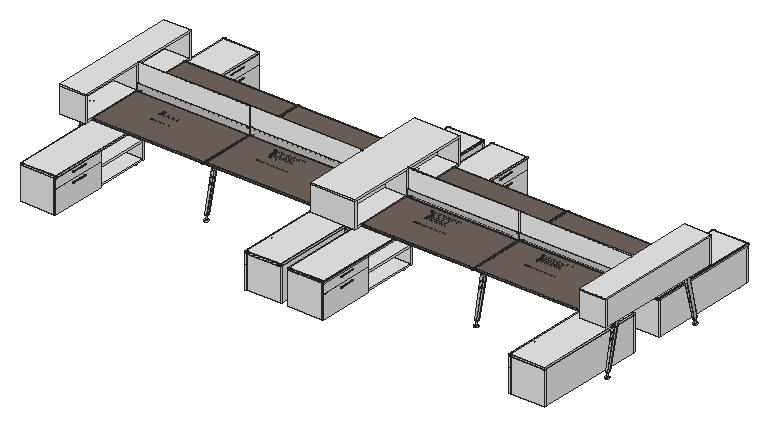
Revit family "T200005", category Furniture, Revit 2015 (continued)
Definition of nested family "OFS_ELEVEN-WORKSPACE_BASES_BENCHING_8-PERSON"
  Forms (in)
    Extrusion 12, solid
      sketch origin (-46.04, 25, 0) x (1, 0, 0) y (0, 0, 1)
        loop
          line (-48.85595, 27.75) -> (-48.83766, 27.40137) -> (-48.72865, 27.40137) -> (-48.66373, 27.51378) -> (-48.58161, 27.51378) -> (-48.5134, 27.40137) -> (-48.5134, 26.14638) -> (-48.58161, 26.02826) -> (-48.66373, 26.02826) -> (-48.73194, 26.14067) -> (-48.83766, 26.14067) -> (-48.85595, 25.79204) -> (-47.14405, 25.79204) -> (-47.16234, 26.14067) -> (-47.26806, 26.14067) -> (-47.33627, 26.02826) -> (-47.41839, 26.02826) -> (-47.4866, 26.14638) -> (-47.4866, 27.40137) -> (-47.41839, 27.51378) -> (-47.33627, 27.51378) -> (-47.27135, 27.40137) -> (-47.16234, 27.40137) -> (-47.14405, 27.75) -> (-48.85595, 27.75)
      from 13.035 to 9.175
    Extrusion 13, solid, visible <- "NO STRG"
      sketch origin (0, 0, 27.75) x (0, 1, 0) y (-1, 0, 0)
        loop
          arc (0.59, 0.545) -> (0.50799, 0.74299) -> (0.31, 0.825) r 0.28
          line (0.31, 0.825) -> (-0.31, 0.825)
          arc (-0.31, 0.825) -> (-0.50799, 0.74299) -> (-0.59, 0.545) r 0.28
          line (-0.59, 0.545) -> (-0.59, -0.545)
          arc (-0.59, -0.545) -> (-0.50799, -0.74299) -> (-0.31, -0.825) r 0.28
          line (-0.31, -0.825) -> (0.31, -0.825)
          arc (0.31, -0.825) -> (0.50799, -0.74299) -> (0.59, -0.545) r 0.28
          line (0.59, -0.545) -> (0.59, 0.545)
      from 0.20214 to 0
    Extrusion 14, solid
      sketch origin (0, 0, 0) x (0, -1, 0) y (0, 0, 1)
        loop
          line (-15.32549, 25.79204) -> (-14.82888, 25.79204) -> (-14.81062, 26.14068) -> (-14.70161, 26.14068) -> (-14.6367, 26.02826) -> (-14.55456, 26.02826) -> (-14.486, 26.14068) -> (-14.486, 27.39504) -> (-14.55456, 27.51378) -> (-14.63287, 27.51378) -> (-14.7049, 27.39567) -> (-14.81032, 27.39567) -> (-14.82888, 27.75) -> (-15.32549, 27.75) -> (-15.34405, 27.39567) -> (-15.44948, 27.39567) -> (-15.52151, 27.51378) -> (-15.59982, 27.51378) -> (-15.668, 27.39569) -> (-15.668, 26.14006) -> (-15.59982, 26.02826) -> (-15.51767, 26.02826) -> (-15.45276, 26.14068) -> (-15.34375, 26.14068) -> (-15.32549, 25.79204)
      from -93.05414 to -48.98586
    Extrusion 15, solid
      sketch origin (0, 0, 0) x (0, -1, 0) y (0, 0, -1)
        loop
          line (-15.32549, -25.79204) -> (-15.34375, -26.14068) -> (-15.45276, -26.14068) -> (-15.51767, -26.02826) -> (-15.59982, -26.02826) -> (-15.668, -26.14006) -> (-15.668, -27.39569) -> (-15.59982, -27.51378) -> (-15.52151, -27.51378) -> (-15.44948, -27.39567) -> (-15.34405, -27.39567) -> (-15.32549, -27.75) -> (-14.82888, -27.75) -> (-14.81032, -27.39567) -> (-14.7049, -27.39567) -> (-14.63287, -27.51378) -> (-14.55456, -27.51378) -> (-14.486, -27.39504) -> (-14.486, -26.14068) -> (-14.55456, -26.02826) -> (-14.6367, -26.02826) -> (-14.70161, -26.14068) -> (-14.81062, -26.14068) -> (-14.82888, -25.79204) -> (-15.32549, -25.79204)
      from -93.05414 to -48.98586
    Extrusion 16, solid, visible <- "NO STRG"
      sketch origin (-0.355, -0.245, 28.04803) x (0, 1, 0) y (-1, 0, 0)
        loop
          arc (0.59, 0.545) -> (0.50799, 0.74299) -> (0.31, 0.825) r 0.28
          line (0.31, 0.825) -> (0.18, 0.825)
          arc (0.18, 0.825) -> (-0.01799, 0.74299) -> (-0.1, 0.545) r 0.28
          line (-0.1, 0.545) -> (-0.1, -1.25839)
          arc (-0.1, -1.25839) -> (-0.01799, -1.45638) -> (0.18, -1.53839) r 0.28
          line (0.18, -1.53839) -> (0.31, -1.53839)
          arc (0.31, -1.53839) -> (0.50799, -1.45638) -> (0.59, -1.25839) r 0.28
          line (0.59, -1.25839) -> (0.59, 0.545)
      from 0.19939 to 0.00254
    Extrusion 17, solid
      sketch origin (0, 0, 0) x (1, 0, 0) y (0, 0, 1)
        loop
          line (-87.01414, 27.75) -> (-87.14405, 27.75) -> (-87.16234, 27.40137) -> (-87.27135, 27.40137) -> (-87.33627, 27.51378) -> (-87.41839, 27.51378) -> (-87.4866, 27.40137) -> (-87.4866, 26.14638) -> (-87.41839, 26.02826) -> (-87.33627, 26.02826) -> (-87.26806, 26.14067) -> (-87.16234, 26.14067) -> (-87.14405, 25.79204) -> (-87.01414, 25.79204) -> (-87.01414, 27.75)
        loop
          line (-88.98586, 27.75) -> (-88.98586, 25.79204) -> (-88.85595, 25.79204) -> (-88.83766, 26.14067) -> (-88.73194, 26.14067) -> (-88.66373, 26.02826) -> (-88.58161, 26.02826) -> (-88.5134, 26.14638) -> (-88.5134, 27.40137) -> (-88.58161, 27.51378) -> (-88.66373, 27.51378) -> (-88.72865, 27.40137) -> (-88.83766, 27.40137) -> (-88.85595, 27.75) -> (-88.98586, 27.75)
      from 14.486 to -14.486
    Extrusion 18, solid
      sketch origin (-40, -25, 0) x (1, 0, 0) y (0, 0, -1)
        loop
          line (-48.85595, -27.75) -> (-47.14405, -27.75) -> (-47.16234, -27.40137) -> (-47.27135, -27.40137) -> (-47.33627, -27.51378) -> (-47.41839, -27.51378) -> (-47.4866, -27.40137) -> (-47.4866, -26.14638) -> (-47.41839, -26.02826) -> (-47.33627, -26.02826) -> (-47.26806, -26.14067) -> (-47.16234, -26.14067) -> (-47.14405, -25.79204) -> (-48.85595, -25.79204) -> (-48.83766, -26.14067) -> (-48.73194, -26.14067) -> (-48.66373, -26.02826) -> (-48.58161, -26.02826) -> (-48.5134, -26.14638) -> (-48.5134, -27.40137) -> (-48.58161, -27.51378) -> (-48.66373, -27.51378) -> (-48.72865, -27.40137) -> (-48.83766, -27.40137) -> (-48.85595, -27.75)
      from 10.7576 to 11.87112
    Extrusion 19, solid
      sketch origin (-99, 0, 0) x (0, 1, 0) y (0, 0, 1)
        loop
          line (-14.82888, 27.75) -> (-14.81032, 27.39567) -> (-14.7049, 27.39567) -> (-14.63287, 27.51378) -> (-14.55456, 27.51378) -> (-14.486, 27.39504) -> (-14.2424, 27.39504) -> (-14.2424, 27.75) -> (-14.82888, 27.75)
        loop
          line (-14.82888, 25.79204) -> (-14.2424, 25.79204) -> (-14.2424, 26.147) -> (-14.486, 26.147) -> (-14.55456, 26.02826) -> (-14.63287, 26.02826) -> (-14.7049, 26.14638) -> (-14.81032, 26.14638) -> (-14.82888, 25.79204)
      from 11.83766 to 10.16234
    Extrusion 20, solid
      sketch origin (-96, 0, 0) x (0, -1, 0) y (0, 0, -1)
        loop
          line (-14.82888, -27.75) -> (-14.2424, -27.75) -> (-14.2424, -27.39504) -> (-14.486, -27.39504) -> (-14.55456, -27.51378) -> (-14.63287, -27.51378) -> (-14.7049, -27.39567) -> (-14.81032, -27.39567) -> (-14.82888, -27.75)
        loop
          line (-14.82888, -25.79204) -> (-14.81032, -26.14638) -> (-14.7049, -26.14638) -> (-14.63287, -26.02826) -> (-14.55456, -26.02826) -> (-14.486, -26.147) -> (-14.2424, -26.147) -> (-14.2424, -25.79204) -> (-14.82888, -25.79204)
      from 8.85595 to 7.14405
    Extrusion 21, solid
      sketch origin (-40, 25, 0) x (1, 0, 0) y (0, 0, 1)
        loop
          line (-48.85595, 27.75) -> (-48.83766, 27.40137) -> (-48.72865, 27.40137) -> (-48.66373, 27.51378) -> (-48.58161, 27.51378) -> (-48.5134, 27.40137) -> (-48.5134, 26.14638) -> (-48.58161, 26.02826) -> (-48.66373, 26.02826) -> (-48.73194, 26.14067) -> (-48.83766, 26.14067) -> (-48.85595, 25.79204) -> (-47.14405, 25.79204) -> (-47.16234, 26.14067) -> (-47.26806, 26.14067) -> (-47.33627, 26.02826) -> (-47.41839, 26.02826) -> (-47.4866, 26.14638) -> (-47.4866, 27.40137) -> (-47.41839, 27.51378) -> (-47.33627, 27.51378) -> (-47.27135, 27.40137) -> (-47.16234, 27.40137) -> (-47.14405, 27.75) -> (-48.85595, 27.75)
      from 11.87112 to 10.7576
    Extrusion 22, solid
      sketch origin (-98, 0, 0) x (-1, 0, 0) y (0, 0, -1)
        loop
          line (-43.01414, -27.75) -> (-43.01414, -25.79204) -> (-43.14405, -25.79204) -> (-43.16234, -26.14067) -> (-43.26806, -26.14067) -> (-43.33627, -26.02826) -> (-43.41839, -26.02826) -> (-43.4866, -26.14638) -> (-43.4866, -27.40137) -> (-43.41839, -27.51378) -> (-43.33627, -27.51378) -> (-43.27135, -27.40137) -> (-43.16234, -27.40137) -> (-43.14405, -27.75) -> (-43.01414, -27.75)
        loop
          line (-44.98586, -27.75) -> (-44.85595, -27.75) -> (-44.83766, -27.40137) -> (-44.72865, -27.40137) -> (-44.66373, -27.51378) -> (-44.58161, -27.51378) -> (-44.5134, -27.40137) -> (-44.5134, -26.14638) -> (-44.58161, -26.02826) -> (-44.66373, -26.02826) -> (-44.73194, -26.14067) -> (-44.83766, -26.14067) -> (-44.85595, -25.79204) -> (-44.98586, -25.79204) -> (-44.98586, -27.75)
      from 14.486 to -14.486
    Extrusion 23, solid
      sketch origin (-58, -25, 0) x (-1, 0, 0) y (0, 0, 1)
        loop
          line (-4.85595, 27.75) -> (-4.83766, 27.40137) -> (-4.72865, 27.40137) -> (-4.66373, 27.51378) -> (-4.58161, 27.51378) -> (-4.5134, 27.40137) -> (-4.5134, 26.14638) -> (-4.58161, 26.02826) -> (-4.66373, 26.02826) -> (-4.73194, 26.14067) -> (-4.83766, 26.14067) -> (-4.85595, 25.79204) -> (-3.14405, 25.79204) -> (-3.16234, 26.14067) -> (-3.26806, 26.14067) -> (-3.33627, 26.02826) -> (-3.41839, 26.02826) -> (-3.4866, 26.14638) -> (-3.4866, 27.40137) -> (-3.41839, 27.51378) -> (-3.33627, 27.51378) -> (-3.27135, 27.40137) -> (-3.16234, 27.40137) -> (-3.14405, 27.75) -> (-4.85595, 27.75)
      from 10.7576 to 11.87112
    Extrusion 24, solid
      sketch origin (-31.75, 0, 0) x (0, 1, 0) y (0, 0, -1)
        loop
          line (-14.82888, -27.75) -> (-14.2424, -27.75) -> (-14.2424, -27.39504) -> (-14.486, -27.39504) -> (-14.55456, -27.51378) -> (-14.63287, -27.51378) -> (-14.7049, -27.39567) -> (-14.81032, -27.39567) -> (-14.82888, -27.75)
        loop
          line (-14.82888, -25.79204) -> (-14.81032, -26.14638) -> (-14.7049, -26.14638) -> (-14.63287, -26.02826) -> (-14.55456, -26.02826) -> (-14.486, -26.147) -> (-14.2424, -26.147) -> (-14.2424, -25.79204) -> (-14.82888, -25.79204)
      from 23.08766 to 21.41234
    Extrusion 25, solid
      sketch origin (-28.75, 0, 0) x (0, -1, 0) y (0, 0, 1)
        loop
          line (-14.82888, 27.75) -> (-14.81032, 27.39567) -> (-14.7049, 27.39567) -> (-14.63287, 27.51378) -> (-14.55456, 27.51378) -> (-14.486, 27.39504) -> (-14.2424, 27.39504) -> (-14.2424, 27.75) -> (-14.82888, 27.75)
        loop
          line (-14.82888, 25.79204) -> (-14.2424, 25.79204) -> (-14.2424, 26.147) -> (-14.486, 26.147) -> (-14.55456, 26.02826) -> (-14.63287, 26.02826) -> (-14.7049, 26.14638) -> (-14.81032, 26.14638) -> (-14.82888, 25.79204)
      from 26.10595 to 24.39405
    Extrusion 26, solid
      sketch origin (-58, 25, 0) x (-1, 0, 0) y (0, 0, -1)
        loop
          line (-4.85595, -27.75) -> (-3.14405, -27.75) -> (-3.16234, -27.40137) -> (-3.27135, -27.40137) -> (-3.33627, -27.51378) -> (-3.41839, -27.51378) -> (-3.4866, -27.40137) -> (-3.4866, -26.14638) -> (-3.41839, -26.02826) -> (-3.33627, -26.02826) -> (-3.26806, -26.14067) -> (-3.16234, -26.14067) -> (-3.14405, -25.79204) -> (-4.85595, -25.79204) -> (-4.83766, -26.14067) -> (-4.73194, -26.14067) -> (-4.66373, -26.02826) -> (-4.58161, -26.02826) -> (-4.5134, -26.14638) -> (-4.5134, -27.40137) -> (-4.58161, -27.51378) -> (-4.66373, -27.51378) -> (-4.72865, -27.40137) -> (-4.83766, -27.40137) -> (-4.85595, -27.75)
      from 11.87112 to 10.7576
    Extrusion 27, solid
      sketch origin (-114, 0, 0) x (-1, 0, 0) y (0, 0, -1)
        loop
          line (-42.01414, -27.75) -> (-42.01414, -25.79204) -> (-42.14405, -25.79204) -> (-42.16234, -26.14067) -> (-42.26806, -26.14067) -> (-42.33627, -26.02826) -> (-42.41839, -26.02826) -> (-42.4866, -26.14638) -> (-42.4866, -27.40137) -> (-42.41839, -27.51378) -> (-42.33627, -27.51378) -> (-42.27135, -27.40137) -> (-42.16234, -27.40137) -> (-42.14405, -27.75) -> (-42.01414, -27.75)
        loop
          line (-43.98586, -27.75) -> (-43.85595, -27.75) -> (-43.83766, -27.40137) -> (-43.72865, -27.40137) -> (-43.66373, -27.51378) -> (-43.58161, -27.51378) -> (-43.5134, -27.40137) -> (-43.5134, -26.14638) -> (-43.58161, -26.02826) -> (-43.66373, -26.02826) -> (-43.73194, -26.14067) -> (-43.83766, -26.14067) -> (-43.85595, -25.79204) -> (-43.98586, -25.79204) -> (-43.98586, -27.75)
      from 14.486 to -14.486
    Extrusion 28, solid
      sketch origin (-74, -25, 0) x (-1, 0, 0) y (0, 0, 1)
        loop
          line (-3.85595, 27.75) -> (-3.83766, 27.40137) -> (-3.72865, 27.40137) -> (-3.66373, 27.51378) -> (-3.58161, 27.51378) -> (-3.5134, 27.40137) -> (-3.5134, 26.14638) -> (-3.58161, 26.02826) -> (-3.66373, 26.02826) -> (-3.73194, 26.14067) -> (-3.83766, 26.14067) -> (-3.85595, 25.79204) -> (-2.14405, 25.79204) -> (-2.16234, 26.14067) -> (-2.26806, 26.14067) -> (-2.33627, 26.02826) -> (-2.41839, 26.02826) -> (-2.4866, 26.14638) -> (-2.4866, 27.40137) -> (-2.41839, 27.51378) -> (-2.33627, 27.51378) -> (-2.27135, 27.40137) -> (-2.16234, 27.40137) -> (-2.14405, 27.75) -> (-3.85595, 27.75)
      from 10.7576 to 11.87112
    Extrusion 29, solid
      sketch origin (-47.75, 0, 0) x (0, 1, 0) y (0, 0, -1)
        loop
          line (-14.82888, -27.75) -> (-14.2424, -27.75) -> (-14.2424, -27.39504) -> (-14.486, -27.39504) -> (-14.55456, -27.51378) -> (-14.63287, -27.51378) -> (-14.7049, -27.39567) -> (-14.81032, -27.39567) -> (-14.82888, -27.75)
        loop
          line (-14.82888, -25.79204) -> (-14.81032, -26.14638) -> (-14.7049, -26.14638) -> (-14.63287, -26.02826) -> (-14.55456, -26.02826) -> (-14.486, -26.147) -> (-14.2424, -26.147) -> (-14.2424, -25.79204) -> (-14.82888, -25.79204)
      from 24.08766 to 22.41234
    Extrusion 30, solid
      sketch origin (-44.75, 0, 0) x (0, -1, 0) y (0, 0, 1)
        loop
          line (-14.82888, 27.75) -> (-14.81032, 27.39567) -> (-14.7049, 27.39567) -> (-14.63287, 27.51378) -> (-14.55456, 27.51378) -> (-14.486, 27.39504) -> (-14.2424, 27.39504) -> (-14.2424, 27.75) -> (-14.82888, 27.75)
        loop
          line (-14.82888, 25.79204) -> (-14.2424, 25.79204) -> (-14.2424, 26.147) -> (-14.486, 26.147) -> (-14.55456, 26.02826) -> (-14.63287, 26.02826) -> (-14.7049, 26.14638) -> (-14.81032, 26.14638) -> (-14.82888, 25.79204)
      from 27.10595 to 25.39405
    Extrusion 31, solid
      sketch origin (-74, 25, 0) x (-1, 0, 0) y (0, 0, -1)
        loop
          line (-3.85595, -27.75) -> (-2.14405, -27.75) -> (-2.16234, -27.40137) -> (-2.27135, -27.40137) -> (-2.33627, -27.51378) -> (-2.41839, -27.51378) -> (-2.4866, -27.40137) -> (-2.4866, -26.14638) -> (-2.41839, -26.02826) -> (-2.33627, -26.02826) -> (-2.26806, -26.14067) -> (-2.16234, -26.14067) -> (-2.14405, -25.79204) -> (-3.85595, -25.79204) -> (-3.83766, -26.14067) -> (-3.73194, -26.14067) -> (-3.66373, -26.02826) -> (-3.58161, -26.02826) -> (-3.5134, -26.14638) -> (-3.5134, -27.40137) -> (-3.58161, -27.51378) -> (-3.66373, -27.51378) -> (-3.72865, -27.40137) -> (-3.83766, -27.40137) -> (-3.85595, -27.75)
      from 11.87112 to 10.7576
    Extrusion 32, solid
      sketch origin (-28, 11.105, 0) x (1, 0, 0) y (0, 0, 1)
        loop
          line (-26.85595, 27.75) -> (-26.83766, 27.40137) -> (-26.72865, 27.40137) -> (-26.66373, 27.51378) -> (-26.58161, 27.51378) -> (-26.5134, 27.40137) -> (-26.5134, 26.14638) -> (-26.58161, 26.02826) -> (-26.66373, 26.02826) -> (-26.73194, 26.14067) -> (-26.83766, 26.14067) -> (-26.85595, 25.79204) -> (-25.14405, 25.79204) -> (-25.16234, 26.14067) -> (-25.26806, 26.14067) -> (-25.33627, 26.02826) -> (-25.41839, 26.02826) -> (-25.4866, 26.14638) -> (-25.4866, 27.40137) -> (-25.41839, 27.51378) -> (-25.33627, 27.51378) -> (-25.27135, 27.40137) -> (-25.16234, 27.40137) -> (-25.14405, 27.75) -> (-26.85595, 27.75)
      from 9.175 to 13.035
    Extrusion 33, solid, visible <- "END-CNTR-END"
      sketch origin (-28, 0, 27.75) x (0, 1, 0) y (-1, 0, 0)
        loop
          arc (0.59, 26.545) -> (0.50799, 26.74299) -> (0.31, 26.825) r 0.28
          line (0.31, 26.825) -> (-0.31, 26.825)
          arc (-0.31, 26.825) -> (-0.50799, 26.74299) -> (-0.59, 26.545) r 0.28
          line (-0.59, 26.545) -> (-0.59, 25.455)
          arc (-0.59, 25.455) -> (-0.50799, 25.25701) -> (-0.31, 25.175) r 0.28
          line (-0.31, 25.175) -> (0.31, 25.175)
          arc (0.31, 25.175) -> (0.50799, 25.25701) -> (0.59, 25.455) r 0.28
          line (0.59, 25.455) -> (0.59, 26.545)
      from 0.20214 to 0
    Extrusion 34, solid, visible <- "END-CNTR-END"
      sketch origin (-28.355, -0.245, 28.04803) x (0, 1, 0) y (-1, 0, 0)
        loop
          arc (0.59, 26.545) -> (0.50799, 26.74299) -> (0.31, 26.825) r 0.28
          line (0.31, 26.825) -> (0.18, 26.825)
          arc (0.18, 26.825) -> (-0.01799, 26.74299) -> (-0.1, 26.545) r 0.28
          line (-0.1, 26.545) -> (-0.1, 24.74161)
          arc (-0.1, 24.74161) -> (-0.01799, 24.54362) -> (0.18, 24.46161) r 0.28
          line (0.18, 24.46161) -> (0.31, 24.46161)
          arc (0.31, 24.46161) -> (0.50799, 24.54362) -> (0.59, 24.74161) r 0.28
          line (0.59, 24.74161) -> (0.59, 26.545)
      from 0.19939 to 0.00254
    Extrusion 35, solid
      sketch origin (-46, 11.105, 0) x (1, 0, 0) y (0, 0, 1)
        loop
          line (-25.85595, 27.75) -> (-25.83766, 27.40137) -> (-25.72865, 27.40137) -> (-25.66373, 27.51378) -> (-25.58161, 27.51378) -> (-25.5134, 27.40137) -> (-25.5134, 26.14638) -> (-25.58161, 26.02826) -> (-25.66373, 26.02826) -> (-25.73194, 26.14067) -> (-25.83766, 26.14067) -> (-25.85595, 25.79204) -> (-24.14405, 25.79204) -> (-24.16234, 26.14067) -> (-24.26806, 26.14067) -> (-24.33627, 26.02826) -> (-24.41839, 26.02826) -> (-24.4866, 26.14638) -> (-24.4866, 27.40137) -> (-24.41839, 27.51378) -> (-24.33627, 27.51378) -> (-24.27135, 27.40137) -> (-24.16234, 27.40137) -> (-24.14405, 27.75) -> (-25.85595, 27.75)
      from 9.175 to 13.035
    Extrusion 36, solid
      sketch origin (-46, 0, 27.75) x (0, 1, 0) y (-1, 0, 0)
        loop
          arc (0.59, 25.545) -> (0.50799, 25.74299) -> (0.31, 25.825) r 0.28
          line (0.31, 25.825) -> (-0.31, 25.825)
          arc (-0.31, 25.825) -> (-0.50799, 25.74299) -> (-0.59, 25.545) r 0.28
          line (-0.59, 25.545) -> (-0.59, 24.455)
          arc (-0.59, 24.455) -> (-0.50799, 24.25701) -> (-0.31, 24.175) r 0.28
          line (-0.31, 24.175) -> (0.31, 24.175)
          arc (0.31, 24.175) -> (0.50799, 24.25701) -> (0.59, 24.455) r 0.28
          line (0.59, 24.455) -> (0.59, 25.545)
      from 0.20214 to 0
    Extrusion 37, solid
      sketch origin (-46.355, -0.245, 28.04803) x (0, 1, 0) y (-1, 0, 0)
        loop
          arc (0.59, 25.545) -> (0.50799, 25.74299) -> (0.31, 25.825) r 0.28
          line (0.31, 25.825) -> (0.18, 25.825)
          arc (0.18, 25.825) -> (-0.01799, 25.74299) -> (-0.1, 25.545) r 0.28
          line (-0.1, 25.545) -> (-0.1, 23.74161)
          arc (-0.1, 23.74161) -> (-0.01799, 23.54362) -> (0.18, 23.46161) r 0.28
          line (0.18, 23.46161) -> (0.31, 23.46161)
          arc (0.31, 23.46161) -> (0.50799, 23.54362) -> (0.59, 23.74161) r 0.28
          line (0.59, 23.74161) -> (0.59, 25.545)
      from 0.19939 to 0.00254
    Extrusion 38, solid
      sketch origin (-64, 11.105, 0) x (1, 0, 0) y (0, 0, 1)
        loop
          line (-24.85595, 27.75) -> (-24.83766, 27.40137) -> (-24.72865, 27.40137) -> (-24.66373, 27.51378) -> (-24.58161, 27.51378) -> (-24.5134, 27.40137) -> (-24.5134, 26.14638) -> (-24.58161, 26.02826) -> (-24.66373, 26.02826) -> (-24.73194, 26.14067) -> (-24.83766, 26.14067) -> (-24.85595, 25.79204) -> (-23.14405, 25.79204) -> (-23.16234, 26.14067) -> (-23.26806, 26.14067) -> (-23.33627, 26.02826) -> (-23.41839, 26.02826) -> (-23.4866, 26.14638) -> (-23.4866, 27.40137) -> (-23.41839, 27.51378) -> (-23.33627, 27.51378) -> (-23.27135, 27.40137) -> (-23.16234, 27.40137) -> (-23.14405, 27.75) -> (-24.85595, 27.75)
      from 9.175 to 13.035
    Extrusion 39, solid, visible <- "END-CNTR-CNTR-CNTR"
      sketch origin (-64, 0, 27.75) x (0, 1, 0) y (-1, 0, 0)
        loop
          arc (0.59, 24.545) -> (0.50799, 24.74299) -> (0.31, 24.825) r 0.28
          line (0.31, 24.825) -> (-0.31, 24.825)
          arc (-0.31, 24.825) -> (-0.50799, 24.74299) -> (-0.59, 24.545) r 0.28
          line (-0.59, 24.545) -> (-0.59, 23.455)
          arc (-0.59, 23.455) -> (-0.50799, 23.25701) -> (-0.31, 23.175) r 0.28
          line (-0.31, 23.175) -> (0.31, 23.175)
          arc (0.31, 23.175) -> (0.50799, 23.25701) -> (0.59, 23.455) r 0.28
          line (0.59, 23.455) -> (0.59, 24.545)
      from 0.20214 to 0
    Extrusion 40, solid, visible <- "END-CNTR-CNTR-CNTR"
      sketch origin (-64.355, -0.245, 28.04803) x (0, 1, 0) y (-1, 0, 0)
        loop
          arc (0.59, 24.545) -> (0.50799, 24.74299) -> (0.31, 24.825) r 0.28
          line (0.31, 24.825) -> (0.18, 24.825)
          arc (0.18, 24.825) -> (-0.01799, 24.74299) -> (-0.1, 24.545) r 0.28
          line (-0.1, 24.545) -> (-0.1, 22.74161)
          arc (-0.1, 22.74161) -> (-0.01799, 22.54362) -> (0.18, 22.46161) r 0.28
          line (0.18, 22.46161) -> (0.31, 22.46161)
          arc (0.31, 22.46161) -> (0.50799, 22.54362) -> (0.59, 22.74161) r 0.28
          line (0.59, 22.74161) -> (0.59, 24.545)
      from 0.19939 to 0.00254
    Extrusion 41, solid
      sketch origin (-70.04, 11.105, 0) x (1, 0, 0) y (0, 0, 1)
        loop
          line (-24.85595, 27.75) -> (-24.83766, 27.40137) -> (-24.72865, 27.40137) -> (-24.66373, 27.51378) -> (-24.58161, 27.51378) -> (-24.5134, 27.40137) -> (-24.5134, 26.14638) -> (-24.58161, 26.02826) -> (-24.66373, 26.02826) -> (-24.73194, 26.14067) -> (-24.83766, 26.14067) -> (-24.85595, 25.79204) -> (-23.14405, 25.79204) -> (-23.16234, 26.14067) -> (-23.26806, 26.14067) -> (-23.33627, 26.02826) -> (-23.41839, 26.02826) -> (-23.4866, 26.14638) -> (-23.4866, 27.40137) -> (-23.41839, 27.51378) -> (-23.33627, 27.51378) -> (-23.27135, 27.40137) -> (-23.16234, 27.40137) -> (-23.14405, 27.75) -> (-24.85595, 27.75)
      from 9.175 to 13.035
    Extrusion 42, solid, visible <- "END-CNTR-CNTR-CNTR"
      sketch origin (-70.04, 0, 27.75) x (0, 1, 0) y (-1, 0, 0)
        loop
          arc (0.59, 24.545) -> (0.50799, 24.74299) -> (0.31, 24.825) r 0.28
          line (0.31, 24.825) -> (-0.31, 24.825)
          arc (-0.31, 24.825) -> (-0.50799, 24.74299) -> (-0.59, 24.545) r 0.28
          line (-0.59, 24.545) -> (-0.59, 23.455)
          arc (-0.59, 23.455) -> (-0.50799, 23.25701) -> (-0.31, 23.175) r 0.28
          line (-0.31, 23.175) -> (0.31, 23.175)
          arc (0.31, 23.175) -> (0.50799, 23.25701) -> (0.59, 23.455) r 0.28
          line (0.59, 23.455) -> (0.59, 24.545)
      from 0.20214 to 0
    Extrusion 43, solid, visible <- "END-CNTR-CNTR-CNTR"
      sketch origin (-70.395, -0.245, 28.04803) x (0, 1, 0) y (-1, 0, 0)
        loop
          arc (0.59, 24.545) -> (0.50799, 24.74299) -> (0.31, 24.825) r 0.28
          line (0.31, 24.825) -> (0.18, 24.825)
          arc (0.18, 24.825) -> (-0.01799, 24.74299) -> (-0.1, 24.545) r 0.28
          line (-0.1, 24.545) -> (-0.1, 22.74161)
          arc (-0.1, 22.74161) -> (-0.01799, 22.54362) -> (0.18, 22.46161) r 0.28
          line (0.18, 22.46161) -> (0.31, 22.46161)
          arc (0.31, 22.46161) -> (0.50799, 22.54362) -> (0.59, 22.74161) r 0.28
          line (0.59, 22.74161) -> (0.59, 24.545)
      from 0.19939 to 0.00254
    Extrusion 44, solid
      sketch origin (0, 0, 0) x (-1, 0, 0) y (0, 0, -1)
        loop
          line (-87.01414, -27.75) -> (-87.01414, -25.79204) -> (-87.14405, -25.79204) -> (-87.16234, -26.14067) -> (-87.26806, -26.14067) -> (-87.33627, -26.02826) -> (-87.41839, -26.02826) -> (-87.4866, -26.14638) -> (-87.4866, -27.40137) -> (-87.41839, -27.51378) -> (-87.33627, -27.51378) -> (-87.27135, -27.40137) -> (-87.16234, -27.40137) -> (-87.14405, -27.75) -> (-87.01414, -27.75)
        loop
          line (-88.98586, -27.75) -> (-88.85595, -27.75) -> (-88.83766, -27.40137) -> (-88.72865, -27.40137) -> (-88.66373, -27.51378) -> (-88.58161, -27.51378) -> (-88.5134, -27.40137) -> (-88.5134, -26.14638) -> (-88.58161, -26.02826) -> (-88.66373, -26.02826) -> (-88.73194, -26.14067) -> (-88.83766, -26.14067) -> (-88.85595, -25.79204) -> (-88.98586, -25.79204) -> (-88.98586, -27.75)
      from 14.486 to -14.486
    Extrusion 45, solid
      sketch origin (40, -25, 0) x (-1, 0, 0) y (0, 0, 1)
        loop
          line (-48.85595, 27.75) -> (-48.83766, 27.40137) -> (-48.72865, 27.40137) -> (-48.66373, 27.51378) -> (-48.58161, 27.51378) -> (-48.5134, 27.40137) -> (-48.5134, 26.14638) -> (-48.58161, 26.02826) -> (-48.66373, 26.02826) -> (-48.73194, 26.14067) -> (-48.83766, 26.14067) -> (-48.85595, 25.79204) -> (-47.14405, 25.79204) -> (-47.16234, 26.14067) -> (-47.26806, 26.14067) -> (-47.33627, 26.02826) -> (-47.41839, 26.02826) -> (-47.4866, 26.14638) -> (-47.4866, 27.40137) -> (-47.41839, 27.51378) -> (-47.33627, 27.51378) -> (-47.27135, 27.40137) -> (-47.16234, 27.40137) -> (-47.14405, 27.75) -> (-48.85595, 27.75)
      from 10.7576 to 11.87112
    Extrusion 46, solid
      sketch origin (48, 0, 0) x (0, 1, 0) y (0, 0, -1)
        loop
          line (-14.82888, -27.75) -> (-14.2424, -27.75) -> (-14.2424, -27.39504) -> (-14.486, -27.39504) -> (-14.55456, -27.51378) -> (-14.63287, -27.51378) -> (-14.7049, -27.39567) -> (-14.81032, -27.39567) -> (-14.82888, -27.75)
        loop
          line (-14.82888, -25.79204) -> (-14.81032, -26.14638) -> (-14.7049, -26.14638) -> (-14.63287, -26.02826) -> (-14.55456, -26.02826) -> (-14.486, -26.147) -> (-14.2424, -26.147) -> (-14.2424, -25.79204) -> (-14.82888, -25.79204)
      from -39.16234 to -40.83766
    Extrusion 47, solid
      sketch origin (48, 0, 0) x (0, -1, 0) y (0, 0, 1)
        loop
          line (-14.82888, 27.75) -> (-14.81032, 27.39567) -> (-14.7049, 27.39567) -> (-14.63287, 27.51378) -> (-14.55456, 27.51378) -> (-14.486, 27.39504) -> (-14.2424, 27.39504) -> (-14.2424, 27.75) -> (-14.82888, 27.75)
        loop
          line (-14.82888, 25.79204) -> (-14.2424, 25.79204) -> (-14.2424, 26.147) -> (-14.486, 26.147) -> (-14.55456, 26.02826) -> (-14.63287, 26.02826) -> (-14.7049, 26.14638) -> (-14.81032, 26.14638) -> (-14.82888, 25.79204)
      from -39.14405 to -40.85595
    Extrusion 48, solid
      sketch origin (40, 25, 0) x (-1, 0, 0) y (0, 0, -1)
        loop
          line (-48.85595, -27.75) -> (-47.14405, -27.75) -> (-47.16234, -27.40137) -> (-47.27135, -27.40137) -> (-47.33627, -27.51378) -> (-47.41839, -27.51378) -> (-47.4866, -27.40137) -> (-47.4866, -26.14638) -> (-47.41839, -26.02826) -> (-47.33627, -26.02826) -> (-47.26806, -26.14067) -> (-47.16234, -26.14067) -> (-47.14405, -25.79204) -> (-48.85595, -25.79204) -> (-48.83766, -26.14067) -> (-48.73194, -26.14067) -> (-48.66373, -26.02826) -> (-48.58161, -26.02826) -> (-48.5134, -26.14638) -> (-48.5134, -27.40137) -> (-48.58161, -27.51378) -> (-48.66373, -27.51378) -> (-48.72865, -27.40137) -> (-48.83766, -27.40137) -> (-48.85595, -27.75)
      from 11.87112 to 10.7576
    Extrusion 49, solid
      sketch origin (98, 0, 0) x (1, 0, 0) y (0, 0, 1)
        loop
          line (-43.01414, 27.75) -> (-43.14405, 27.75) -> (-43.16234, 27.40137) -> (-43.27135, 27.40137) -> (-43.33627, 27.51378) -> (-43.41839, 27.51378) -> (-43.4866, 27.40137) -> (-43.4866, 26.14638) -> (-43.41839, 26.02826) -> (-43.33627, 26.02826) -> (-43.26806, 26.14067) -> (-43.16234, 26.14067) -> (-43.14405, 25.79204) -> (-43.01414, 25.79204) -> (-43.01414, 27.75)
        loop
          line (-44.98586, 27.75) -> (-44.98586, 25.79204) -> (-44.85595, 25.79204) -> (-44.83766, 26.14067) -> (-44.73194, 26.14067) -> (-44.66373, 26.02826) -> (-44.58161, 26.02826) -> (-44.5134, 26.14638) -> (-44.5134, 27.40137) -> (-44.58161, 27.51378) -> (-44.66373, 27.51378) -> (-44.72865, 27.40137) -> (-44.83766, 27.40137) -> (-44.85595, 27.75) -> (-44.98586, 27.75)
      from 14.486 to -14.486
    Extrusion 50, solid
      sketch origin (58, -25, 0) x (1, 0, 0) y (0, 0, -1)
        loop
          line (-4.85595, -27.75) -> (-3.14405, -27.75) -> (-3.16234, -27.40137) -> (-3.27135, -27.40137) -> (-3.33627, -27.51378) -> (-3.41839, -27.51378) -> (-3.4866, -27.40137) -> (-3.4866, -26.14638) -> (-3.41839, -26.02826) -> (-3.33627, -26.02826) -> (-3.26806, -26.14067) -> (-3.16234, -26.14067) -> (-3.14405, -25.79204) -> (-4.85595, -25.79204) -> (-4.83766, -26.14067) -> (-4.73194, -26.14067) -> (-4.66373, -26.02826) -> (-4.58161, -26.02826) -> (-4.5134, -26.14638) -> (-4.5134, -27.40137) -> (-4.58161, -27.51378) -> (-4.66373, -27.51378) -> (-4.72865, -27.40137) -> (-4.83766, -27.40137) -> (-4.85595, -27.75)
      from 10.7576 to 11.87112
    Extrusion 51, solid
      sketch origin (79.75, 0, 0) x (0, 1, 0) y (0, 0, 1)
        loop
          line (-14.82888, 27.75) -> (-14.81032, 27.39567) -> (-14.7049, 27.39567) -> (-14.63287, 27.51378) -> (-14.55456, 27.51378) -> (-14.486, 27.39504) -> (-14.2424, 27.39504) -> (-14.2424, 27.75) -> (-14.82888, 27.75)
        loop
          line (-14.82888, 25.79204) -> (-14.2424, 25.79204) -> (-14.2424, 26.147) -> (-14.486, 26.147) -> (-14.55456, 26.02826) -> (-14.63287, 26.02826) -> (-14.7049, 26.14638) -> (-14.81032, 26.14638) -> (-14.82888, 25.79204)
      from -24.91234 to -26.58766
    Extrusion 52, solid
      sketch origin (76.75, 0, 0) x (0, -1, 0) y (0, 0, -1)
        loop
          line (-14.82888, -27.75) -> (-14.2424, -27.75) -> (-14.2424, -27.39504) -> (-14.486, -27.39504) -> (-14.55456, -27.51378) -> (-14.63287, -27.51378) -> (-14.7049, -27.39567) -> (-14.81032, -27.39567) -> (-14.82888, -27.75)
        loop
          line (-14.82888, -25.79204) -> (-14.81032, -26.14638) -> (-14.7049, -26.14638) -> (-14.63287, -26.02826) -> (-14.55456, -26.02826) -> (-14.486, -26.147) -> (-14.2424, -26.147) -> (-14.2424, -25.79204) -> (-14.82888, -25.79204)
      from -21.89405 to -23.60595
    Extrusion 53, solid
      sketch origin (58, 25, 0) x (1, 0, 0) y (0, 0, 1)
        loop
          line (-4.85595, 27.75) -> (-4.83766, 27.40137) -> (-4.72865, 27.40137) -> (-4.66373, 27.51378) -> (-4.58161, 27.51378) -> (-4.5134, 27.40137) -> (-4.5134, 26.14638) -> (-4.58161, 26.02826) -> (-4.66373, 26.02826) -> (-4.73194, 26.14067) -> (-4.83766, 26.14067) -> (-4.85595, 25.79204) -> (-3.14405, 25.79204) -> (-3.16234, 26.14067) -> (-3.26806, 26.14067) -> (-3.33627, 26.02826) -> (-3.41839, 26.02826) -> (-3.4866, 26.14638) -> (-3.4866, 27.40137) -> (-3.41839, 27.51378) -> (-3.33627, 27.51378) -> (-3.27135, 27.40137) -> (-3.16234, 27.40137) -> (-3.14405, 27.75) -> (-4.85595, 27.75)
      from 11.87112 to 10.7576
    Extrusion 54, solid
      sketch origin (114, 0, 0) x (1, 0, 0) y (0, 0, 1)
        loop
          line (-42.01414, 27.75) -> (-42.14405, 27.75) -> (-42.16234, 27.40137) -> (-42.27135, 27.40137) -> (-42.33627, 27.51378) -> (-42.41839, 27.51378) -> (-42.4866, 27.40137) -> (-42.4866, 26.14638) -> (-42.41839, 26.02826) -> (-42.33627, 26.02826) -> (-42.26806, 26.14067) -> (-42.16234, 26.14067) -> (-42.14405, 25.79204) -> (-42.01414, 25.79204) -> (-42.01414, 27.75)
        loop
          line (-43.98586, 27.75) -> (-43.98586, 25.79204) -> (-43.85595, 25.79204) -> (-43.83766, 26.14067) -> (-43.73194, 26.14067) -> (-43.66373, 26.02826) -> (-43.58161, 26.02826) -> (-43.5134, 26.14638) -> (-43.5134, 27.40137) -> (-43.58161, 27.51378) -> (-43.66373, 27.51378) -> (-43.72865, 27.40137) -> (-43.83766, 27.40137) -> (-43.85595, 27.75) -> (-43.98586, 27.75)
      from 14.486 to -14.486
    Extrusion 55, solid
      sketch origin (74, -25, 0) x (1, 0, 0) y (0, 0, -1)
        loop
          line (-3.85595, -27.75) -> (-2.14405, -27.75) -> (-2.16234, -27.40137) -> (-2.27135, -27.40137) -> (-2.33627, -27.51378) -> (-2.41839, -27.51378) -> (-2.4866, -27.40137) -> (-2.4866, -26.14638) -> (-2.41839, -26.02826) -> (-2.33627, -26.02826) -> (-2.26806, -26.14067) -> (-2.16234, -26.14067) -> (-2.14405, -25.79204) -> (-3.85595, -25.79204) -> (-3.83766, -26.14067) -> (-3.73194, -26.14067) -> (-3.66373, -26.02826) -> (-3.58161, -26.02826) -> (-3.5134, -26.14638) -> (-3.5134, -27.40137) -> (-3.58161, -27.51378) -> (-3.66373, -27.51378) -> (-3.72865, -27.40137) -> (-3.83766, -27.40137) -> (-3.85595, -27.75)
      from 10.7576 to 11.87112
    Extrusion 56, solid
      sketch origin (47.75, 0, 0) x (0, 1, 0) y (0, 0, 1)
        loop
          line (-14.82888, 27.75) -> (-14.81032, 27.39567) -> (-14.7049, 27.39567) -> (-14.63287, 27.51378) -> (-14.55456, 27.51378) -> (-14.486, 27.39504) -> (-14.2424, 27.39504) -> (-14.2424, 27.75) -> (-14.82888, 27.75)
        loop
          line (-14.82888, 25.79204) -> (-14.2424, 25.79204) -> (-14.2424, 26.147) -> (-14.486, 26.147) -> (-14.55456, 26.02826) -> (-14.63287, 26.02826) -> (-14.7049, 26.14638) -> (-14.81032, 26.14638) -> (-14.82888, 25.79204)
      from 24.08766 to 22.41234
    Extrusion 57, solid
      sketch origin (44.75, 0, 0) x (0, -1, 0) y (0, 0, -1)
        loop
          line (-14.82888, -27.75) -> (-14.2424, -27.75) -> (-14.2424, -27.39504) -> (-14.486, -27.39504) -> (-14.55456, -27.51378) -> (-14.63287, -27.51378) -> (-14.7049, -27.39567) -> (-14.81032, -27.39567) -> (-14.82888, -27.75)
        loop
          line (-14.82888, -25.79204) -> (-14.81032, -26.14638) -> (-14.7049, -26.14638) -> (-14.63287, -26.02826) -> (-14.55456, -26.02826) -> (-14.486, -26.147) -> (-14.2424, -26.147) -> (-14.2424, -25.79204) -> (-14.82888, -25.79204)
      from 27.10595 to 25.39405
    Extrusion 58, solid
      sketch origin (74, 25, 0) x (1, 0, 0) y (0, 0, 1)
        loop
          line (-3.85595, 27.75) -> (-3.83766, 27.40137) -> (-3.72865, 27.40137) -> (-3.66373, 27.51378) -> (-3.58161, 27.51378) -> (-3.5134, 27.40137) -> (-3.5134, 26.14638) -> (-3.58161, 26.02826) -> (-3.66373, 26.02826) -> (-3.73194, 26.14067) -> (-3.83766, 26.14067) -> (-3.85595, 25.79204) -> (-2.14405, 25.79204) -> (-2.16234, 26.14067) -> (-2.26806, 26.14067) -> (-2.33627, 26.02826) -> (-2.41839, 26.02826) -> (-2.4866, 26.14638) -> (-2.4866, 27.40137) -> (-2.41839, 27.51378) -> (-2.33627, 27.51378) -> (-2.27135, 27.40137) -> (-2.16234, 27.40137) -> (-2.14405, 27.75) -> (-3.85595, 27.75)
      from 11.87112 to 10.7576
    Extrusion 59, solid
      sketch origin (28, 11.105, 0) x (-1, 0, 0) y (0, 0, -1)
        loop
          line (-26.85595, -27.75) -> (-25.14405, -27.75) -> (-25.16234, -27.40137) -> (-25.27135, -27.40137) -> (-25.33627, -27.51378) -> (-25.41839, -27.51378) -> (-25.4866, -27.40137) -> (-25.4866, -26.14638) -> (-25.41839, -26.02826) -> (-25.33627, -26.02826) -> (-25.26806, -26.14067) -> (-25.16234, -26.14067) -> (-25.14405, -25.79204) -> (-26.85595, -25.79204) -> (-26.83766, -26.14067) -> (-26.73194, -26.14067) -> (-26.66373, -26.02826) -> (-26.58161, -26.02826) -> (-26.5134, -26.14638) -> (-26.5134, -27.40137) -> (-26.58161, -27.51378) -> (-26.66373, -27.51378) -> (-26.72865, -27.40137) -> (-26.83766, -27.40137) -> (-26.85595, -27.75)
      from 9.175 to 13.035
    Extrusion 60, solid
      sketch origin (28, 0, 27.75) x (0, 1, 0) y (-1, 0, 0)
        loop
          line (0.59, -26.545) -> (0.59, -25.455)
          arc (0.59, -25.455) -> (0.50799, -25.25701) -> (0.31, -25.175) r 0.28
          line (0.31, -25.175) -> (-0.31, -25.175)
          arc (-0.31, -25.175) -> (-0.50799, -25.25701) -> (-0.59, -25.455) r 0.28
          line (-0.59, -25.455) -> (-0.59, -26.545)
          arc (-0.59, -26.545) -> (-0.50799, -26.74299) -> (-0.31, -26.825) r 0.28
          line (-0.31, -26.825) -> (0.31, -26.825)
          arc (0.31, -26.825) -> (0.50799, -26.74299) -> (0.59, -26.545) r 0.28
      from 0.20214 to 0
    Extrusion 61, solid
      sketch origin (28.355, -0.245, 28.04803) x (0, 1, 0) y (-1, 0, 0)
        loop
          line (0.59, -26.545) -> (0.59, -24.74161)
          arc (0.59, -24.74161) -> (0.50799, -24.54362) -> (0.31, -24.46161) r 0.28
          line (0.31, -24.46161) -> (0.18, -24.46161)
          arc (0.18, -24.46161) -> (-0.01799, -24.54362) -> (-0.1, -24.74161) r 0.28
          line (-0.1, -24.74161) -> (-0.1, -26.545)
          arc (-0.1, -26.545) -> (-0.01799, -26.74299) -> (0.18, -26.825) r 0.28
          line (0.18, -26.825) -> (0.31, -26.825)
          arc (0.31, -26.825) -> (0.50799, -26.74299) -> (0.59, -26.545) r 0.28
      from 0.19939 to 0.00254
    Extrusion 62, solid
      sketch origin (46, 11.105, 0) x (-1, 0, 0) y (0, 0, -1)
        loop
          line (-25.85595, -27.75) -> (-24.14405, -27.75) -> (-24.16234, -27.40137) -> (-24.27135, -27.40137) -> (-24.33627, -27.51378) -> (-24.41839, -27.51378) -> (-24.4866, -27.40137) -> (-24.4866, -26.14638) -> (-24.41839, -26.02826) -> (-24.33627, -26.02826) -> (-24.26806, -26.14067) -> (-24.16234, -26.14067) -> (-24.14405, -25.79204) -> (-25.85595, -25.79204) -> (-25.83766, -26.14067) -> (-25.73194, -26.14067) -> (-25.66373, -26.02826) -> (-25.58161, -26.02826) -> (-25.5134, -26.14638) -> (-25.5134, -27.40137) -> (-25.58161, -27.51378) -> (-25.66373, -27.51378) -> (-25.72865, -27.40137) -> (-25.83766, -27.40137) -> (-25.85595, -27.75)
      from 9.175 to 13.035
    Extrusion 63, solid
      sketch origin (46, 0, 27.75) x (0, 1, 0) y (-1, 0, 0)
        loop
          line (0.59, -25.545) -> (0.59, -24.455)
          arc (0.59, -24.455) -> (0.50799, -24.25701) -> (0.31, -24.175) r 0.28
          line (0.31, -24.175) -> (-0.31, -24.175)
          arc (-0.31, -24.175) -> (-0.50799, -24.25701) -> (-0.59, -24.455) r 0.28
          line (-0.59, -24.455) -> (-0.59, -25.545)
          arc (-0.59, -25.545) -> (-0.50799, -25.74299) -> (-0.31, -25.825) r 0.28
          line (-0.31, -25.825) -> (0.31, -25.825)
          arc (0.31, -25.825) -> (0.50799, -25.74299) -> (0.59, -25.545) r 0.28
      from 0.20214 to 0
    Extrusion 64, solid
      sketch origin (46.355, -0.245, 28.04803) x (0, 1, 0) y (-1, 0, 0)
        loop
          line (0.59, -25.545) -> (0.59, -23.74161)
          arc (0.59, -23.74161) -> (0.50799, -23.54362) -> (0.31, -23.46161) r 0.28
          line (0.31, -23.46161) -> (0.18, -23.46161)
          arc (0.18, -23.46161) -> (-0.01799, -23.54362) -> (-0.1, -23.74161) r 0.28
          line (-0.1, -23.74161) -> (-0.1, -25.545)
          arc (-0.1, -25.545) -> (-0.01799, -25.74299) -> (0.18, -25.825) r 0.28
          line (0.18, -25.825) -> (0.31, -25.825)
          arc (0.31, -25.825) -> (0.50799, -25.74299) -> (0.59, -25.545) r 0.28
      from 0.19939 to 0.00254
    Extrusion 65, solid
      sketch origin (64, 11.105, 0) x (-1, 0, 0) y (0, 0, -1)
        loop
          line (-24.85595, -27.75) -> (-23.14405, -27.75) -> (-23.16234, -27.40137) -> (-23.27135, -27.40137) -> (-23.33627, -27.51378) -> (-23.41839, -27.51378) -> (-23.4866, -27.40137) -> (-23.4866, -26.14638) -> (-23.41839, -26.02826) -> (-23.33627, -26.02826) -> (-23.26806, -26.14067) -> (-23.16234, -26.14067) -> (-23.14405, -25.79204) -> (-24.85595, -25.79204) -> (-24.83766, -26.14067) -> (-24.73194, -26.14067) -> (-24.66373, -26.02826) -> (-24.58161, -26.02826) -> (-24.5134, -26.14638) -> (-24.5134, -27.40137) -> (-24.58161, -27.51378) -> (-24.66373, -27.51378) -> (-24.72865, -27.40137) -> (-24.83766, -27.40137) -> (-24.85595, -27.75)
      from 9.175 to 13.035
    Extrusion 66, solid, visible <- "NO STRG"
      sketch origin (64, 0, 27.75) x (0, 1, 0) y (-1, 0, 0)
        loop
          line (0.59, -24.545) -> (0.59, -23.455)
          arc (0.59, -23.455) -> (0.50799, -23.25701) -> (0.31, -23.175) r 0.28
          line (0.31, -23.175) -> (-0.31, -23.175)
          arc (-0.31, -23.175) -> (-0.50799, -23.25701) -> (-0.59, -23.455) r 0.28
          line (-0.59, -23.455) -> (-0.59, -24.545)
          arc (-0.59, -24.545) -> (-0.50799, -24.74299) -> (-0.31, -24.825) r 0.28
          line (-0.31, -24.825) -> (0.31, -24.825)
          arc (0.31, -24.825) -> (0.50799, -24.74299) -> (0.59, -24.545) r 0.28
      from 0.20214 to 0
    Extrusion 67, solid, visible <- "NO STRG"
      sketch origin (64.355, -0.245, 28.04803) x (0, 1, 0) y (-1, 0, 0)
        loop
          line (0.59, -24.545) -> (0.59, -22.74161)
          arc (0.59, -22.74161) -> (0.50799, -22.54362) -> (0.31, -22.46161) r 0.28
          line (0.31, -22.46161) -> (0.18, -22.46161)
          arc (0.18, -22.46161) -> (-0.01799, -22.54362) -> (-0.1, -22.74161) r 0.28
          line (-0.1, -22.74161) -> (-0.1, -24.545)
          arc (-0.1, -24.545) -> (-0.01799, -24.74299) -> (0.18, -24.825) r 0.28
          line (0.18, -24.825) -> (0.31, -24.825)
          arc (0.31, -24.825) -> (0.50799, -24.74299) -> (0.59, -24.545) r 0.28
      from 0.19939 to 0.00254
    Extrusion 68, solid
      sketch origin (74.04, 11.105, 0) x (-1, 0, 0) y (0, 0, -1)
        loop
          line (-20.85595, -27.75) -> (-19.14405, -27.75) -> (-19.16234, -27.40137) -> (-19.27135, -27.40137) -> (-19.33627, -27.51378) -> (-19.41839, -27.51378) -> (-19.4866, -27.40137) -> (-19.4866, -26.14638) -> (-19.41839, -26.02826) -> (-19.33627, -26.02826) -> (-19.26806, -26.14067) -> (-19.16234, -26.14067) -> (-19.14405, -25.79204) -> (-20.85595, -25.79204) -> (-20.83766, -26.14067) -> (-20.73194, -26.14067) -> (-20.66373, -26.02826) -> (-20.58161, -26.02826) -> (-20.5134, -26.14638) -> (-20.5134, -27.40137) -> (-20.58161, -27.51378) -> (-20.66373, -27.51378) -> (-20.72865, -27.40137) -> (-20.83766, -27.40137) -> (-20.85595, -27.75)
      from 9.175 to 13.035
    Extrusion 69, solid, visible <- "NO STRG"
      sketch origin (74.04, 0, 27.75) x (0, 1, 0) y (-1, 0, 0)
        loop
          line (0.59, -20.545) -> (0.59, -19.455)
          arc (0.59, -19.455) -> (0.50799, -19.25701) -> (0.31, -19.175) r 0.28
          line (0.31, -19.175) -> (-0.31, -19.175)
          arc (-0.31, -19.175) -> (-0.50799, -19.25701) -> (-0.59, -19.455) r 0.28
          line (-0.59, -19.455) -> (-0.59, -20.545)
          arc (-0.59, -20.545) -> (-0.50799, -20.74299) -> (-0.31, -20.825) r 0.28
          line (-0.31, -20.825) -> (0.31, -20.825)
          arc (0.31, -20.825) -> (0.50799, -20.74299) -> (0.59, -20.545) r 0.28
      from 0.20214 to 0
    Extrusion 70, solid, visible <- "NO STRG"
      sketch origin (74.395, -0.245, 28.04803) x (0, 1, 0) y (-1, 0, 0)
        loop
          line (0.59, -20.545) -> (0.59, -18.74161)
          arc (0.59, -18.74161) -> (0.50799, -18.54362) -> (0.31, -18.46161) r 0.28
          line (0.31, -18.46161) -> (0.18, -18.46161)
          arc (0.18, -18.46161) -> (-0.01799, -18.54362) -> (-0.1, -18.74161) r 0.28
          line (-0.1, -18.74161) -> (-0.1, -20.545)
          arc (-0.1, -20.545) -> (-0.01799, -20.74299) -> (0.18, -20.825) r 0.28
          line (0.18, -20.825) -> (0.31, -20.825)
          arc (0.31, -20.825) -> (0.50799, -20.74299) -> (0.59, -20.545) r 0.28
      from 0.19939 to 0.00254
    Extrusion 71, solid, visible <- "END-CNTR-CNTR-CNTR"
      sketch origin (-47.76793, 0, 0.07714) x (0, 1, 0) y (0, 0, 1)
        loop
          line (-0.55324, 27.875) -> (0.55324, 27.875)
          arc (0.55324, 27.875) -> (0.57968, 27.88595) -> (0.59063, 27.9124) r 0.0374
          line (0.59063, 27.9124) -> (0.59063, 31.77512)
          arc (0.59063, 31.77512) -> (0.57983, 31.8012) -> (0.55374, 31.81201) r 0.03689
          line (0.55374, 31.81201) -> (0.49746, 31.81201)
          arc (0.49746, 31.81201) -> (0.4708, 31.80137) -> (0.45879, 31.77531) r 0.03872
          line (0.45879, 31.77531) -> (0.45239, 31.65329)
          arc (0.45239, 31.65329) -> (0.43991, 31.62621) -> (0.41221, 31.61516) r 0.04024
          line (0.41221, 31.61516) -> (-0.41221, 31.61516)
          arc (-0.41221, 31.61516) -> (-0.43991, 31.62621) -> (-0.45239, 31.65329) r 0.04024
          line (-0.45239, 31.65329) -> (-0.45879, 31.77531)
          arc (-0.45879, 31.77531) -> (-0.4708, 31.80137) -> (-0.49746, 31.81201) r 0.03872
          line (-0.49746, 31.81201) -> (-0.55374, 31.81201)
          arc (-0.55374, 31.81201) -> (-0.57983, 31.8012) -> (-0.59063, 31.77512) r 0.03689
          line (-0.59063, 31.77512) -> (-0.59063, 27.9124)
          arc (-0.59063, 27.9124) -> (-0.57968, 27.88595) -> (-0.55324, 27.875) r 0.0374
      from -48.38955 to -48.23207
    Extrusion 72, solid, visible <- "NO STRG"
      sketch origin (48.38955, 0, 0.07714) x (0, 1, 0) y (0, 0, 1)
        loop
          line (-0.55324, 27.875) -> (0.55324, 27.875)
          arc (0.55324, 27.875) -> (0.57968, 27.88595) -> (0.59063, 27.9124) r 0.0374
          line (0.59063, 27.9124) -> (0.59063, 31.77512)
          arc (0.59063, 31.77512) -> (0.57983, 31.8012) -> (0.55374, 31.81201) r 0.03689
          line (0.55374, 31.81201) -> (0.49746, 31.81201)
          arc (0.49746, 31.81201) -> (0.4708, 31.80137) -> (0.45879, 31.77531) r 0.03872
          line (0.45879, 31.77531) -> (0.45239, 31.65329)
          arc (0.45239, 31.65329) -> (0.43991, 31.62621) -> (0.41221, 31.61516) r 0.04024
          line (0.41221, 31.61516) -> (-0.41221, 31.61516)
          arc (-0.41221, 31.61516) -> (-0.43991, 31.62621) -> (-0.45239, 31.65329) r 0.04024
          line (-0.45239, 31.65329) -> (-0.45879, 31.77531)
          arc (-0.45879, 31.77531) -> (-0.4708, 31.80137) -> (-0.49746, 31.81201) r 0.03872
          line (-0.49746, 31.81201) -> (-0.55374, 31.81201)
          arc (-0.55374, 31.81201) -> (-0.57983, 31.8012) -> (-0.59063, 31.77512) r 0.03689
          line (-0.59063, 31.77512) -> (-0.59063, 27.9124)
          arc (-0.59063, 27.9124) -> (-0.57968, 27.88595) -> (-0.55324, 27.875) r 0.0374
      from 47.61045 to 47.76793
    Extrusion 73, solid
      sketch origin (-42, -25, 0) x (1, 0, 0) y (0, 0, -1)
        loop
          line (-6.85595, -27.75) -> (-5.14405, -27.75) -> (-5.16234, -27.40137) -> (-5.27135, -27.40137) -> (-5.33627, -27.51378) -> (-5.41839, -27.51378) -> (-5.4866, -27.40137) -> (-5.4866, -26.14638) -> (-5.41839, -26.02826) -> (-5.33627, -26.02826) -> (-5.26806, -26.14067) -> (-5.16234, -26.14067) -> (-5.14405, -25.79204) -> (-6.85595, -25.79204) -> (-6.83766, -26.14067) -> (-6.73194, -26.14067) -> (-6.66373, -26.02826) -> (-6.58161, -26.02826) -> (-6.5134, -26.14638) -> (-6.5134, -27.40137) -> (-6.58161, -27.51378) -> (-6.66373, -27.51378) -> (-6.72865, -27.40137) -> (-6.83766, -27.40137) -> (-6.85595, -27.75)
      from 9.175 to 13.035
    Extrusion 74, solid
      sketch origin (-42, 11.105, 0) x (1, 0, 0) y (0, 0, 1)
        loop
          line (-6.85595, 27.75) -> (-6.83766, 27.40137) -> (-6.72865, 27.40137) -> (-6.66373, 27.51378) -> (-6.58161, 27.51378) -> (-6.5134, 27.40137) -> (-6.5134, 26.14638) -> (-6.58161, 26.02826) -> (-6.66373, 26.02826) -> (-6.73194, 26.14067) -> (-6.83766, 26.14067) -> (-6.85595, 25.79204) -> (-5.14405, 25.79204) -> (-5.16234, 26.14067) -> (-5.26806, 26.14067) -> (-5.33627, 26.02826) -> (-5.41839, 26.02826) -> (-5.4866, 26.14638) -> (-5.4866, 27.40137) -> (-5.41839, 27.51378) -> (-5.33627, 27.51378) -> (-5.27135, 27.40137) -> (-5.16234, 27.40137) -> (-5.14405, 27.75) -> (-6.85595, 27.75)
      from 9.175 to 13.035
    Extrusion 75, solid
      sketch origin (-42, 25, 0) x (1, 0, 0) y (0, 0, 1)
        loop
          line (-6.85595, 27.75) -> (-6.83766, 27.40137) -> (-6.72865, 27.40137) -> (-6.66373, 27.51378) -> (-6.58161, 27.51378) -> (-6.5134, 27.40137) -> (-6.5134, 26.14638) -> (-6.58161, 26.02826) -> (-6.66373, 26.02826) -> (-6.73194, 26.14067) -> (-6.83766, 26.14067) -> (-6.85595, 25.79204) -> (-5.14405, 25.79204) -> (-5.16234, 26.14067) -> (-5.26806, 26.14067) -> (-5.33627, 26.02826) -> (-5.41839, 26.02826) -> (-5.4866, 26.14638) -> (-5.4866, 27.40137) -> (-5.41839, 27.51378) -> (-5.33627, 27.51378) -> (-5.27135, 27.40137) -> (-5.16234, 27.40137) -> (-5.14405, 27.75) -> (-6.85595, 27.75)
      from 13.035 to 9.175
    Extrusion 76, solid, visible <- "END-CNTR-END"
      sketch origin (-42, 0, 27.75) x (0, 1, 0) y (-1, 0, 0)
        loop
          arc (0.59, 6.545) -> (0.50799, 6.74299) -> (0.31, 6.825) r 0.28
          line (0.31, 6.825) -> (-0.31, 6.825)
          arc (-0.31, 6.825) -> (-0.50799, 6.74299) -> (-0.59, 6.545) r 0.28
          line (-0.59, 6.545) -> (-0.59, 5.455)
          arc (-0.59, 5.455) -> (-0.50799, 5.25701) -> (-0.31, 5.175) r 0.28
          line (-0.31, 5.175) -> (0.31, 5.175)
          arc (0.31, 5.175) -> (0.50799, 5.25701) -> (0.59, 5.455) r 0.28
          line (0.59, 5.455) -> (0.59, 6.545)
      from 0.20214 to 0
    Extrusion 77, solid, visible <- "END-CNTR-END"
      sketch origin (-42.355, -0.245, 28.04803) x (0, 1, 0) y (-1, 0, 0)
        loop
          arc (0.59, 6.545) -> (0.50799, 6.74299) -> (0.31, 6.825) r 0.28
          line (0.31, 6.825) -> (0.18, 6.825)
          arc (0.18, 6.825) -> (-0.01799, 6.74299) -> (-0.1, 6.545) r 0.28
          line (-0.1, 6.545) -> (-0.1, 4.74161)
          arc (-0.1, 4.74161) -> (-0.01799, 4.54362) -> (0.18, 4.46161) r 0.28
          line (0.18, 4.46161) -> (0.31, 4.46161)
          arc (0.31, 4.46161) -> (0.50799, 4.54362) -> (0.59, 4.74161) r 0.28
          line (0.59, 4.74161) -> (0.59, 6.545)
      from 0.19939 to 0.00254
    Extrusion 78, solid
      sketch origin (42, -25, 0) x (1, 0, 0) y (0, 0, -1)
        loop
          line (5.14405, -27.75) -> (6.85595, -27.75) -> (6.83766, -27.40137) -> (6.72865, -27.40137) -> (6.66373, -27.51378) -> (6.58161, -27.51378) -> (6.5134, -27.40137) -> (6.5134, -26.14638) -> (6.58161, -26.02826) -> (6.66373, -26.02826) -> (6.73194, -26.14067) -> (6.83766, -26.14067) -> (6.85595, -25.79204) -> (5.14405, -25.79204) -> (5.16234, -26.14067) -> (5.26806, -26.14067) -> (5.33627, -26.02826) -> (5.41839, -26.02826) -> (5.4866, -26.14638) -> (5.4866, -27.40137) -> (5.41839, -27.51378) -> (5.33627, -27.51378) -> (5.27135, -27.40137) -> (5.16234, -27.40137) -> (5.14405, -27.75)
      from 9.175 to 13.035
    Extrusion 79, solid
      sketch origin (42, 11.105, 0) x (1, 0, 0) y (0, 0, 1)
        loop
          line (5.14405, 27.75) -> (5.16234, 27.40137) -> (5.27135, 27.40137) -> (5.33627, 27.51378) -> (5.41839, 27.51378) -> (5.4866, 27.40137) -> (5.4866, 26.14638) -> (5.41839, 26.02826) -> (5.33627, 26.02826) -> (5.26806, 26.14067) -> (5.16234, 26.14067) -> (5.14405, 25.79204) -> (6.85595, 25.79204) -> (6.83766, 26.14067) -> (6.73194, 26.14067) -> (6.66373, 26.02826) -> (6.58161, 26.02826) -> (6.5134, 26.14638) -> (6.5134, 27.40137) -> (6.58161, 27.51378) -> (6.66373, 27.51378) -> (6.72865, 27.40137) -> (6.83766, 27.40137) -> (6.85595, 27.75) -> (5.14405, 27.75)
      from 9.175 to 13.035
    Extrusion 80, solid
      sketch origin (42, 25, 0) x (1, 0, 0) y (0, 0, 1)
        loop
          line (5.14405, 27.75) -> (5.16234, 27.40137) -> (5.27135, 27.40137) -> (5.33627, 27.51378) -> (5.41839, 27.51378) -> (5.4866, 27.40137) -> (5.4866, 26.14638) -> (5.41839, 26.02826) -> (5.33627, 26.02826) -> (5.26806, 26.14067) -> (5.16234, 26.14067) -> (5.14405, 25.79204) -> (6.85595, 25.79204) -> (6.83766, 26.14067) -> (6.73194, 26.14067) -> (6.66373, 26.02826) -> (6.58161, 26.02826) -> (6.5134, 26.14638) -> (6.5134, 27.40137) -> (6.58161, 27.51378) -> (6.66373, 27.51378) -> (6.72865, 27.40137) -> (6.83766, 27.40137) -> (6.85595, 27.75) -> (5.14405, 27.75)
      from 13.035 to 9.175
    Extrusion 81, solid, visible <- "END-CNTR-END"
      sketch origin (42, 0, 27.75) x (0, 1, 0) y (-1, 0, 0)
        loop
          arc (0.59, -5.455) -> (0.50799, -5.25701) -> (0.31, -5.175) r 0.28
          line (0.31, -5.175) -> (-0.31, -5.175)
          arc (-0.31, -5.175) -> (-0.50799, -5.25701) -> (-0.59, -5.455) r 0.28
          line (-0.59, -5.455) -> (-0.59, -6.545)
          arc (-0.59, -6.545) -> (-0.50799, -6.74299) -> (-0.31, -6.825) r 0.28
          line (-0.31, -6.825) -> (0.31, -6.825)
          arc (0.31, -6.825) -> (0.50799, -6.74299) -> (0.59, -6.545) r 0.28
          line (0.59, -6.545) -> (0.59, -5.455)
      from 0.20214 to 0
    Extrusion 82, solid, visible <- "END-CNTR-END"
      sketch origin (41.645, -0.245, 28.04803) x (0, 1, 0) y (-1, 0, 0)
        loop
          arc (0.59, -5.455) -> (0.50799, -5.25701) -> (0.31, -5.175) r 0.28
          line (0.31, -5.175) -> (0.18, -5.175)
          arc (0.18, -5.175) -> (-0.01799, -5.25701) -> (-0.1, -5.455) r 0.28
          line (-0.1, -5.455) -> (-0.1, -7.25839)
          arc (-0.1, -7.25839) -> (-0.01799, -7.45638) -> (0.18, -7.53839) r 0.28
          line (0.18, -7.53839) -> (0.31, -7.53839)
          arc (0.31, -7.53839) -> (0.50799, -7.45638) -> (0.59, -7.25839) r 0.28
          line (0.59, -7.25839) -> (0.59, -5.455)
      from 0.19939 to 0.00254
    Extrusion 83, solid
      sketch origin (-92, 0, 0) x (-1, 0, 0) y (0, 0, -1)
        loop
          line (-43.01414, -27.75) -> (-43.01414, -25.79204) -> (-43.14405, -25.79204) -> (-43.16234, -26.14067) -> (-43.26806, -26.14067) -> (-43.33627, -26.02826) -> (-43.41839, -26.02826) -> (-43.4866, -26.14638) -> (-43.4866, -27.40137) -> (-43.41839, -27.51378) -> (-43.33627, -27.51378) -> (-43.27135, -27.40137) -> (-43.16234, -27.40137) -> (-43.14405, -27.75) -> (-43.01414, -27.75)
        loop
          line (-44.98586, -27.75) -> (-44.85595, -27.75) -> (-44.83766, -27.40137) -> (-44.72865, -27.40137) -> (-44.66373, -27.51378) -> (-44.58161, -27.51378) -> (-44.5134, -27.40137) -> (-44.5134, -26.14638) -> (-44.58161, -26.02826) -> (-44.66373, -26.02826) -> (-44.73194, -26.14067) -> (-44.83766, -26.14067) -> (-44.85595, -25.79204) -> (-44.98586, -25.79204) -> (-44.98586, -27.75)
      from 15.825 to -15.825
    Extrusion 84, solid
      sketch origin (-44, 0, 0) x (-1, 0, 0) y (0, 0, -1)
        loop
          line (-43.01414, -27.75) -> (-43.01414, -25.79204) -> (-43.14405, -25.79204) -> (-43.16234, -26.14067) -> (-43.26806, -26.14067) -> (-43.33627, -26.02826) -> (-43.41839, -26.02826) -> (-43.4866, -26.14638) -> (-43.4866, -27.40137) -> (-43.41839, -27.51378) -> (-43.33627, -27.51378) -> (-43.27135, -27.40137) -> (-43.16234, -27.40137) -> (-43.14405, -27.75) -> (-43.01414, -27.75)
        loop
          line (-44.98586, -27.75) -> (-44.85595, -27.75) -> (-44.83766, -27.40137) -> (-44.72865, -27.40137) -> (-44.66373, -27.51378) -> (-44.58161, -27.51378) -> (-44.5134, -27.40137) -> (-44.5134, -26.14638) -> (-44.58161, -26.02826) -> (-44.66373, -26.02826) -> (-44.73194, -26.14067) -> (-44.83766, -26.14067) -> (-44.85595, -25.79204) -> (-44.98586, -25.79204) -> (-44.98586, -27.75)
      from 15.825 to -15.825
